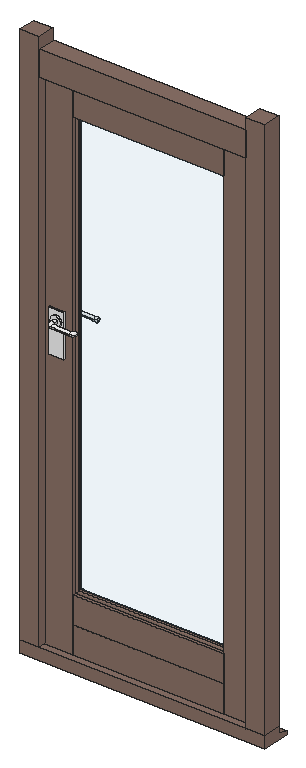
Revit family "DTI_A3-SD7", category Doors, host Wall, Revit 2016
Family settings
  Host = Wall
  OmniClass Number = 23.30.10.00
  OmniClass Title = Doors
  Always vertical = Yes
  Cut with Voids When Loaded = No
  Shared = No
  Room Calculation Point = No
Parameters (values of type "SD7")
  URL = "www.swartland.co.za"
  Rough Width = 961 mm
  Rough Height = 2518 mm
  Model = "SD7"
  Manufacturer = "Swartland Doors & Windows"
  Function = Exterior
  Frame Width = 74 mm
  Height = Door Height + Frame Width + Cill Height  # 2150 mm
  Wall Closure = By host
  Width = Door Width + (Frame Width * 2)  # 961 mm
  Frame Depth = 70 mm
  Door Width = 813 mm
  Door Material = Meranti
  Door Height = 2032 mm
  Door Frame Material = Meranti
  Description = "Patio Door in Frame SD7"
  Cill Height = 44 mm
  Assembly Code = ""
Reference planes
  plane 1 "Centre (Front/Back)": y = 0
  plane 2 "Center (Left/Right)": x = 0
  plane 3 "Left": x = -480.5
  plane 4 "Right": x = 480.5
  plane 5: z = 2150
  plane 6 "Exterior": y = 100
  plane 7 "Interior": y = -100
  plane 8: y = -35
  plane 9 "Frame exterior": y = 35
  plane 10: z = 2076
  plane 11: x = 406.5
  plane 12: x = -406.5
  plane 13 "Cill Level": z = 44
  plane 14 "Centre of door": y = 17.751
Forms (mm)
  Extrusion 1, solid, material "Meranti" <- "Door Frame Material"
    sketch origin (0, 0, 44) x (1, 0, 0) y (0, 1, 0)
      loop
        line (-480.5, 35) -> (-480.5, -35) -> (-406.5, -35) -> (-406.5, 35) -> (-480.5, 35)
    from 0 to 2150 <- "Height"
  Extrusion 2, solid, material "Meranti" <- "Door Frame Material"
    sketch origin (0, 0, 44) x (-1, 0, 0) y (0, -1, 0)
      loop
        line (-480.5, -35) -> (-406.5, -35) -> (-406.5, 35) -> (-480.5, 35) -> (-480.5, -35)
    from 0 to 2150 <- "Height"
  Extrusion 3, solid, material "Meranti" <- "Door Frame Material"
    sketch origin (0, 0, 0) x (0, 1, 0) y (0, 0, 1)
      loop
        line (-35, 44) -> (-35, 0) -> (75, 0) -> (75, 15) -> (35, 25.321) -> (35, 44) -> (-35, 44)
    from -480.5 to 480.5
  Extrusion 4, solid, material "Meranti"
    sketch origin (0, 0, 0) x (0, 1, 0) y (0, 0, 1)
      loop
        line (35, 2150) -> (-35, 2150) -> (-35, 2051) -> (-5, 2051) -> (-5, 2076) -> (35, 2076) -> (35, 2150)
    from 406.5 to -406.5
  Extrusion 5, solid, material "Meranti" <- "Door Material"
    sketch origin (0, 35, 0) x (0, 0, -1) y (-1, 0, 0)
      loop
        line (-44, -406.5) -> (-44, -296.826) -> (-2076, -296.826) -> (-2076, -406.5) -> (-44, -406.5)
    from -40 to 0
  Extrusion 6, solid, material "Meranti" <- "Door Material"
    sketch origin (0, 35, 0) x (0, 0, -1) y (-1, 0, 0)
      loop
        line (-44, 406.5) -> (-2076, 406.5) -> (-2076, 296.174) -> (-44, 296.174) -> (-44, 406.5)
    from -40 to 0
  Extrusion 7, solid, material "Meranti" <- "Door Material"
    sketch origin (0, 35, -1.104) x (0, 0, -1) y (-1, 0, 0)
      loop
        line (-45.104, -296.826) -> (-45.104, 296.174) -> (-150.786, 296.174) -> (-150.786, -296.826) -> (-45.104, -296.826)
    from 0 to -40
  Extrusion 8, solid, material "Meranti"
    sketch origin (0, 35, 0) x (0, 0, -1) y (-1, 0, 0)
      loop
        line (-1936.682, -296.826) -> (-1936.682, 296.174) -> (-2076, 296.174) -> (-2076, -296.826) -> (-1936.682, -296.826)
    from 0 to -40
  Extrusion 9, solid, material "Meranti" <- "Door Material"
    sketch origin (0, 35, 104.578) x (0, 0, -1) y (-1, 0, 0)
      loop
        line (-45.104, -296.826) -> (-45.104, 296.174) -> (-150.786, 296.174) -> (-150.786, -296.826) -> (-45.104, -296.826)
    from 0 to -40
  Sweep 10, solid, material "Meranti"
    path origin (0, 17.751, 0) x (0, 0, 1) y (1, 0, 0)
      loop
        line (1936.682, 296.826) -> (255.364, 296.826) -> (255.364, -296.174) -> (1936.682, -296.174) -> (1936.682, 296.826)
    profile "Beading Profile : Beading Profile" origin (0.326, 17.751, 1936.682) x (0, 0, 1) y (0, 1, 0)
      loop
        line (0, 0) -> (0, 10.624)
        arc (0, 10.624) -> (-5.764, 9.652) -> (-10, 5.624) r 10
        line (-10, 5.624) -> (-10, -5.624)
        arc (-10, -5.624) -> (-5.764, -9.652) -> (0, -10.624) r 10
        line (0, -10.624) -> (0, 0)
  Extrusion 11, solid, material "Glass"
    sketch origin (0, 17.751, 0) x (0, 0, 1) y (1, 0, 0)
      loop
        line (1926.656, 286.802) -> (265.389, 286.802) -> (265.389, -286.148) -> (1926.656, -286.148) -> (1926.656, 286.802)
    from 2 to -2
Lines and regions (mm)
  Opening 1
    outline origin (-3050, -100, 0) x (1, 0, 0) y (0, 0, 1)
      loop
        line (2569.5, 0) -> (3530.5, 0) -> (3530.5, 2150) -> (2569.5, 2150) -> (2569.5, 0)
  symbolic lines, style "Elevation Swing"
    curve 1: line (376.5, 100, 44) -> (-286.148, 100, 1089.221)
    curve 2: line (-296.174, 100, 1074.292) -> (376.5, 100, 2076)
  symbolic lines
    curve 3: line (406.5, 35, 0) -> (406.5, 848, 0)
    curve 4: arc (406.5, 848, 0) -> (-168.378, 609.878, 0) -> (-406.5, 35, 0) r 813
Text (mm)
  text "Exterior" at (-2295.016, 1099.543, 0), in view "Ref. Level"
  text "Exterior" at (0, 1615.38, 3698.081), in view "Left"
  text "Exterior" at (0, 1036.032, 3874.932), in view "Right"
Dimensions and locks
  equal spacing: plane 3 "Left", plane 2 "Center (Left/Right)", plane 4 "Right"
  plane 3 "Left" to plane 4 "Right" = 961 mm
  locked: plane 6 "Exterior" to host wall at 0
  locked: plane 7 "Interior" to host wall
  equal spacing: plane 9 "Frame exterior", plane 1 "Centre (Front/Back)", plane 8
  "Frame Depth": plane 9 "Frame exterior" to plane 8
  "Frame Width": plane 10 to plane 5
  plane 9 "Frame exterior" to plane 8 = 70 mm  (x2)
  "Door Height": plane 13 "Cill Level" to plane 10
  "Cill Height": level to plane 13 "Cill Level"
  "Frame Width": plane 11 to plane 4 "Right"
  plane 3 "Left" to plane 12 = 74 mm
  level to Extrusion 3 = 44 mm
  "Frame Width": plane 3 "Left" to plane 12
  "Door Width": plane 12 to plane 11
  aligned and locked: plane 3 "Left" to Opening 1 sketch curve
  aligned and locked: plane 5 to Opening 1 sketch curve  (x2)
  aligned and locked: Opening 1 sketch curve to plane 4 "Right"
  aligned and locked: Opening 1 sketch curve to level
  aligned and locked: plane 1 "Centre (Front/Back)" to host wall
  aligned: Extrusion 2 to level
  aligned: Extrusion 1 to level
  aligned: plane 12 to Extrusion 3
  aligned: Extrusion 3 to plane 11
  aligned and locked: Extrusion 3 to host wall  (x2)
  aligned and locked: Extrusion 2 to plane 13 "Cill Level"
  aligned and locked: Extrusion 1 to plane 13 "Cill Level"
  aligned and locked: Extrusion 4 to plane 11
  aligned and locked: plane 12 to Extrusion 4
Automatic sketch dimensions
  Extrusion 1 sketch curve to plane 3 "Left" = 0 mm
  Extrusion 1 sketch curve to plane 9 "Frame exterior" = 0 mm
  Extrusion 1 sketch curve to plane 12 = 0 mm
  Extrusion 1 sketch curve to plane 8 = 0 mm
  Extrusion 2 sketch curve to plane 4 "Right" = 0 mm
  Extrusion 2 sketch curve to plane 9 "Frame exterior" = 0 mm
  Extrusion 2 sketch curve to plane 11 = 0 mm
  Extrusion 2 sketch curve to plane 8 = 0 mm
  plane 5 to Extrusion 4 sketch curve = 0 mm
  Extrusion 4 sketch curve to plane 8 = 0 mm
  plane 10 to Extrusion 4 sketch curve = 0 mm
  Extrusion 4 sketch curve to plane 9 "Frame exterior" = 0 mm
  host wall to Extrusion 4 sketch curve = 5 mm
  Extrusion 4 sketch curve to Extrusion 4 sketch curve = 25 mm
  Extrusion 5 sketch curve to plane 10 = 0 mm
  plane 11 to Extrusion 5 sketch curve = 0 mm
  Extrusion 5 sketch curve to plane 13 "Cill Level" = 0 mm
  Extrusion 5 sketch curve to Extrusion 5 sketch curve = 109.674 mm
  Extrusion 6 sketch curve to plane 10 = 0 mm
  plane 12 to Extrusion 6 sketch curve = 0 mm
  Extrusion 6 sketch curve to plane 13 "Cill Level" = 0 mm
  Extrusion 6 sketch curve to plane 12 = 110.326 mm
  Extrusion 7 sketch curve to plane 13 "Cill Level" = 0 mm
  plane 13 "Cill Level" to Extrusion 7 sketch curve = 105.682 mm
  plane 11 to Extrusion 7 sketch curve = 109.674 mm
  Extrusion 7 sketch curve to plane 12 = 110.326 mm
  curve 2 to plane 10 = 0 mm
  curve 1 to plane 13 "Cill Level" = 0 mm
  curve 2 to plane 12 = 110.326 mm
  curve 2 to curve 1 = 10.026 mm
  plane 11 to curve 2 = 30 mm
  plane 11 to curve 1 = 30 mm
  plane 10 to curve 2 = 1001.708 mm
  curve 4 to plane 9 "Frame exterior" = 0 mm
  curve 4 to plane 12 = 0 mm
  curve 3 to plane 9 "Frame exterior" = 0 mm
  curve 3 to plane 11 = 0 mm
  Extrusion 8 sketch curve to plane 10 = 0 mm
  plane 10 to Extrusion 8 sketch curve = 139.318 mm
  plane 11 to Extrusion 8 sketch curve = 109.674 mm
  Extrusion 8 sketch curve to plane 12 = 110.326 mm
  plane 13 "Cill Level" to Extrusion 9 sketch curve = 211.364 mm
  Extrusion 9 sketch curve to Extrusion 9 sketch curve = 105.682 mm
  plane 11 to Extrusion 9 sketch curve = 109.674 mm
  Extrusion 9 sketch curve to plane 12 = 110.326 mm
  plane 13 "Cill Level" to Sweep 10 sketch curve = 211.364 mm
  plane 10 to Sweep 10 sketch curve = 139.318 mm
  Sweep 10 sketch curve to plane 12 = 110.326 mm
  plane 11 to Sweep 10 sketch curve = 109.674 mm
  plane 13 "Cill Level" to Extrusion 11 sketch curve = 221.389 mm
  plane 10 to Extrusion 11 sketch curve = 149.344 mm
  Extrusion 11 sketch curve to plane 12 = 120.352 mm
  plane 11 to Extrusion 11 sketch curve = 119.698 mm
  Extrusion 3 sketch curve to level = 0 mm
  Extrusion 3 sketch curve to plane 8 = 0 mm
  Extrusion 3 sketch curve to plane 9 "Frame exterior" = 0 mm
  Extrusion 3 sketch curve to plane 13 "Cill Level" = 0 mm
  Extrusion 3 sketch curve to host wall = 25 mm
  level to Extrusion 3 sketch curve = 15 mm
  Extrusion 3 sketch curve to Extrusion 3 sketch curve = 18.679 mm
Nested families
  nested 1: "Handle Domestic (1)" at (-421.337, -5, 1200), type "Handle Domestic (1)"
  nested 2: "Handle Domestic (1)" at (-421.337, 35, 1200), type "Handle Domestic (1)"
Definition of nested family "Handle Domestic (1)"
  Parameters
    Manufacturer = "Revit"
    Material Ironmongery = none
    Handle Z Distance = 0 mm
    Handle X Distance = 65 mm
    Function = (empty or 0)
  Reference planes
    plane 1 "Center (Front/Back)": y = 0
    plane 2: z = 0
    plane 3 "Center (Left/Right)": x = 0
    plane 4: z = 0
    plane 5: x = 65
  Forms (mm)
    Extrusion 1, solid, material <- "Material Ironmongery", detail levels medium+fine
      sketch origin (0, 0, 0) x (1, 0, 0) y (0, 0, 1)
        loop
          line (35, 40) -> (35, -125) -> (95, -125) -> (95, 40) -> (35, 40)
      from 0 to -6
    Sweep 2, solid, material <- "Material Ironmongery", detail levels medium+fine
      path origin (0, 0, 0) x (0, -1, 0) y (1, 0, 0)
        loop
          line (-10.593, 65) -> (-26, 65)
          arc (-26, 65) -> (-36.607, 69.393) -> (-41, 80) r 15
          line (-41, 80) -> (-41, 152)
          arc (-41, 152) -> (-38.657, 157.657) -> (-33, 160) r 8
      profile origin (0, 18.296, 0) x (-1, 0, 0) y (0, 0, 1)
        loop
          circle (-65, 0) r 7
    Extrusion 3, solid, material <- "Material Ironmongery", detail levels medium+fine
      sketch origin (0, 0, 0) x (1, 0, 0) y (0, 0, 1)
        loop
          circle (65, 0) r 20
      from -6 to -10.593
  Dimensions and locks
    "Handle Z Distance": plane 4 to level
    "Handle X Distance": plane 5 to plane 3 "Center (Left/Right)"
    aligned and locked: Extrusion 1 to Extrusion 3
    aligned and locked: Extrusion 3 to Sweep 2 sketch curve
  Automatic sketch dimensions
    Sweep 2 sketch curve to plane 4 = 0 mm
    Sweep 2 sketch curve to profile plane = 0 mm
    Extrusion 3 sketch curve to plane 4 = 0 mm
    Extrusion 3 sketch curve to plane 5 = 0 mm
    Sweep 2 sketch curve to plane 5 = 0 mm
    Sweep 2 sketch curve to plane 1 "Center (Front/Back)" = 41 mm
    Sweep 2 sketch curve to Sweep 2 sketch curve = 8 mm
    Sweep 2 sketch curve to Sweep 2 sketch curve = 15 mm
    Sweep 2 sketch curve to Sweep 2 sketch curve = 72 mm
    plane 5 to Extrusion 1 sketch curve = 30 mm
    Extrusion 1 sketch curve to plane 5 = 30 mm
    plane 4 to Extrusion 1 sketch curve = 125 mm
    Extrusion 1 sketch curve to plane 4 = 40 mm
    radius of Sweep 2 sketch curve = 7 mm
    radius of Extrusion 3 sketch curve = 20 mm
